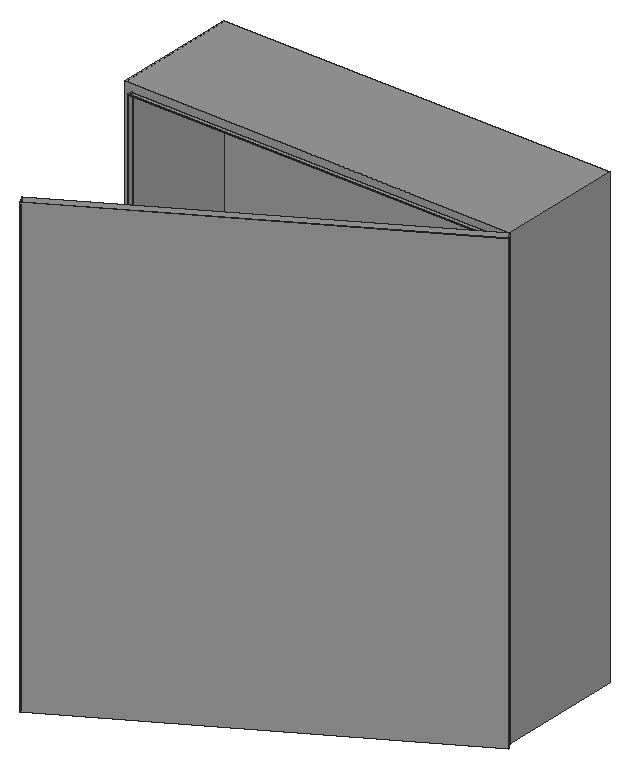
Revit family "Hager-Univers-IP55-D275-H950-Cl.II-Steel_encl-NoHosted-CH-it", category Electrical Equipment, Revit 2020
Family settings
  Panel Configuration = Two Columns, Circuits Across
  Round Connector Dimension = Use Diameter
  Part Type = Panelboard
  Work Plane-Based = Yes
  Always vertical = Yes
  Cut with Voids When Loaded = No
  Shared = No
  Room Calculation Point = No
Parameters (values of type "A parete IP55 L800 A950 P275  - FR63S")
  Width Control [instance] = if([EF000008 - Larghezza] > Min Width, [EF000008 - Larghezza], Min Width)  # 800 mm
  Type Comments = [HG000003 - Gamma]  # "Univers"
  Thickness Door [instance] = if([EF009171 - spessore materiale porta/coperchio] > 3 mm, 3 mm, [EF009171 - spessore materiale porta/coperchio])  # 1.5 mm
  Seal Frame Offset [instance] = 17 mm  # constant formula
  Plinth Visibility [instance] = [HG000027 - Altezza dello zoccolo] > 0 mm  # no
  Min Width [instance] = 100 mm  # constant formula
  Min Depth [instance] = (2 * [EF009170 - spessore materiale scatola]) + 1 mm  # 4 mm
  Min Height [instance] = 100 mm  # constant formula
  Internal Frame Depth [instance] = (Door System Depth * 0.5)  # 9 mm
  Panel Name [instance] = ""  # (empty or 0)
  Model = ""
  HG000027 - Altezza dello zoccolo = 0 mm
  HG000026 - A pavimento = no
  HG000024 - Altezza della sezione inferiore = 600 mm
  HG000023 - Custodia a doppia sezione = no
  HG000016 - Visibilità delle porte nella vista 3D [instance] = yes
  HG000015 - Visibilità attraverso la porta [instance] = no
  HG000014 - Porta destra [instance] = yes
  HG000013 - Porta sinistra [instance] = not([HG000014 - Porta destra])  # no
  HG000012 - Angolo di apertura della porta [instance] = 30.00°
  HG000010 - Porte asimmetriche = no
  HG000009 - Porta doppia a battente = no
  HG000006 - Ad incasso = no
  HG000004 - Codice produttore = "FR63S"
  HG000003 - Gamma = "Univers"
  HG000002 - Con porta = yes
  Frame Offset Bottom [instance] = 10 mm  # constant formula
  Frame Offset [instance] = 15 mm  # constant formula
  EF015940 - Coprire con rilascio di sovrapressione = no
  EF011959 - tipo di protezione (NEMA) = ""
  EF009554 - numero delle aperture per la piastra della flangia = 6
  EF009212 - esecuzione coperchio = "EV000116 - chiuso"
  EF009171 - spessore materiale porta/coperchio = 1.5 mm
  EF009170 - spessore materiale scatola = 1.5 mm
  EF008873 - corrente nominale (In) = 800 A
  EF007800 - adatto per parafulmine = no
  EF006306 - con serratura = no
  EF006244 - coperchio/porta trasparente = no
  EF005474 - grado di protezione (IP) = "EV006420 - IP55"
  EF004464 - tipo di porta = "EV002646 - singolo"
  EF004427 - numero di moduli = 216
  EF004293 - resistenza agli urti = "EV008784 - IK10"
  EF003532 - adatto per uso esterno = no
  EF002950 - Numero moduli DIN = 24
  EF001613 - Integrità del circuito = "EV000494 - senza"
  EF001596 - Attacco Lampada = "EV000179 - acciaio"
  EF001131 - profondità interna = 275 mm
  EF001088 - possibilità di applicazione = yes
  EF000437 - numero di ingressi per conduttori = 6
  EF000339 - tipo di copertura = "EV004216 - porta"
  EF000266 - numero di file = 6
  EF000218 - profondità di incasso = 0 mm
  EF000118 - con piastra di montaggio = no
  EF000116 - numero RAL = "7035"
  EF000049 - profondità = 275 mm
  EF000040 - Altezza = 950 mm
  EF000008 - Larghezza = 800 mm
  EF000007 - colore = "EV000270 - grigio"
  EF000003 - Tipo di montaggio = "EV000384 - A parete"
  Door System Leaf Tolerance [instance] = 1.5 mm  # constant formula
  Door System Depth [instance] = 18 mm  # constant formula
  Door Height [instance] = Height Control - [HG000027 - Altezza dello zoccolo]  # 950 mm
  Description = ""
  Default Elevation = 1219.2 mm
  Connector Offset [instance] = Height Control / 2  # 475 mm
  Manufacturer = "Hager"  # constant formula
  Height Control [instance] = if([EF000040 - Altezza] > Min Height, [EF000040 - Altezza], Min Height)  # 950 mm
  Depth Control [instance] = if([EF000049 - profondità] > Min Depth, [EF000049 - profondità], Min Depth)  # 275 mm
  Bottom Top Plate Trim [instance] = 1.5 mm  # constant formula
  Plinth height Ctrl [instance] = if([HG000027 - Altezza dello zoccolo] > 0 mm, [HG000027 - Altezza dello zoccolo], 12 mm)  # 12 mm
Types (5, lengths in mm): name | Width Control | HG000010 - Porte asimmetriche | HG000009 - Porta doppia a battente | HG000004 - Codice produttore | EF009554 - numero delle aperture per la piastra della flangia | EF004464 - tipo di porta | EF004427 - numero di moduli | EF000437 - numero di ingressi per conduttori | EF000008 - Larghezza
  A parete IP55 L1050 A950 P275  - FR64S | 1050 | no | yes | "FR64S" | 8 | "EV003602 - doppio" | 288 | 8 | 1050
  A parete IP55 L1300 A950 P275  - FR65S | 1300 | yes | yes | "FR65S" | 10 | "EV003602 - doppio" | 360 | 10 | 1300
  A parete IP55 L300 A950 P275  - FR61S | 300 | no | no | "FR61S" | 2 | "EV002646 - singolo" | 72 | 2 | 300
  A parete IP55 L550 A950 P275  - FR62S | 550 | no | no | "FR62S" | 4 | "EV002646 - singolo" | 144 | 4 | 550
  A parete IP55 L800 A950 P275  - FR63S | 800 | no | no | "FR63S" | 6 | "EV002646 - singolo" | 216 | 6 | 800
Reference planes
  plane 1 "Center (Front/Back)": y = 0
  plane 2: z = 0
  plane 3 "Center (Left/Right)": x = 0
  plane 4: y = 0
  plane 5: y = 0
  plane 6: z = 0
  plane 7: x = -400
  plane 8: x = 400
  plane 9: x = 398.5
  plane 10: x = -398.5
  plane 11: z = 0
  plane 12: z = 1.5
  plane 13: y = -275
  plane 14: y = -1.5
  plane 15: x = 0
  plane 16: y = -257
  plane 17: y = -273.5
  plane 18: y = -255.5
  plane 19: x = -383.5
  plane 20: x = 383.5
  plane 21: z = 11.5
  plane 22: x = -383
  plane 23: x = 383
  plane 24: z = 0
  plane 25: z = 950
  plane 26: z = 950
  plane 27: z = 933.5
  plane 28: z = 948.5
Forms (mm)
  Extrusion 1, solid, material "Hager_Steel_RAL7035_Light_Grey", detail levels medium+fine
    sketch origin (-208.679, -4572, 0) x (-1, 0, 0) y (0, -1, 0)
      loop
        line (191.321, -4315) -> (-608.679, -4315) -> (-608.679, -4572) -> (191.321, -4572) -> (191.321, -4315)
    from 0 to 950
  Extrusion 2, void
    sketch origin (-350.771, -275, 1219.2) x (1, 0, 0) y (0, 0, 1)
      loop
        line (-47.729, -270.7) -> (-47.729, -1217.7) -> (749.271, -1217.7) -> (749.271, -270.7) -> (-47.729, -270.7)
    from -19.5 to -273.5
  Extrusion 3, void
    sketch origin (-290.084, -257, 1219.2) x (1, 0, 0) y (0, 0, 1)
      loop
        line (-93.416, -1207.7) -> (673.584, -1207.7) -> (673.584, -285.7) -> (-93.416, -285.7) -> (-93.416, -1207.7)
    from 0 to -1.5
  Extrusion 4, solid, material "Hager_Steel_RAL7035_Light_Grey", visible <- "Plinth Visibility", detail levels medium+fine
    sketch origin (0, 0, 0) x (1, 0, 0) y (0, 1, 0)
      loop
        line (-400, 0) -> (-400, -257) -> (400, -257) -> (400, 0) -> (-400, 0)
    from 0 to 12 <- "Plinth height Ctrl"
  Extrusion 5, solid, material "Hager_Steel_RAL7035_Light_Grey", detail levels coarse
    sketch origin (0, 0, 0) x (1, 0, 0) y (0, 1, 0)
      loop
        line (-400, 0) -> (-400, -275) -> (400, -275) -> (400, 0) -> (-400, 0)
    from 0 to 950 <- "Height Control"
  Sweep 6, void
    path in 3D
      loop
        line (-400, -257, 12) -> (400, -257, 12) -> (400, 0, 12) -> (-400, 0, 12) -> (-400, -257, 12)
    profile origin (-400, -128.5, 12) x (1, 0, 0) y (0, 0, 1)
      loop
        line (0, 0) -> (0, -1.5) -> (1.5, -1.5)
        arc (1.5, -1.5) -> (1.061, -0.439) -> (0, 0) r 1.5
  Extrusion 7, solid, material "Hager_Steel_RAL7035_Light_Grey", detail levels fine
    sketch origin (-400, -257, 0) x (1, 0, 0) y (0, 0, 1)
      loop
        line (16.5, 11.5) -> (783.5, 11.5) -> (783.5, 933.5) -> (16.5, 933.5) -> (16.5, 11.5)
      loop
        line (15, 10) -> (785, 10) -> (785, 935) -> (15, 935) -> (15, 10)
    from 0 to 9 <- "Internal Frame Depth"
Cuts and joins
  Extrusion 2, Extrusion 3 cuts Extrusion 1
  Sweep 6 cuts Extrusion 4
Lines and regions (mm)
  Masking region 1
    outline origin (0, 0, 0) x (1, 0, 0) y (0, 1, 0)
      loop
        line (-400, 0) -> (-400, -275) -> (400, -275) -> (400, 0) -> (-400, 0)
  Masking region 2, detail levels coarse
    outline origin (-290.084, -257, 1219.2) x (-1, 0, 0) y (0, 0, 1)
      loop
        line (-690.084, -1219.2) -> (109.916, -1219.2) -> (109.916, -269.2) -> (-690.084, -269.2) -> (-690.084, -1219.2)
  Masking region 3, detail levels coarse
    outline origin (0, 0, 0) x (0, 1, 0) y (0, 0, 1)
      loop
        line (0, 0) -> (0, 950) -> (-275, 950) -> (-275, 0) -> (0, 0)
  Masking region 4, visible <- "Plinth Visibility", detail levels medium+fine
    outline origin (0, 0, 0) x (0, 1, 0) y (0, 0, 1)
      loop
        line (-1.5, 12) -> (-255.5, 12)
        arc (-255.5, 12) -> (-255.939, 10.939) -> (-257, 10.5) r 1.5
        line (-257, 10.5) -> (-257, 0) -> (0, 0) -> (0, 10.5)
        arc (0, 10.5) -> (-1.061, 10.939) -> (-1.5, 12) r 1.5
  Masking region 5, detail levels medium+fine
    outline origin (0, 0, 594.038) x (0, 1, 0) y (0, 0, 1)
      loop
        line (0, -594.038) -> (0, 355.962) -> (-257, 355.962) -> (-257, -594.038) -> (0, -594.038)
  Masking region 6, detail levels medium+fine
    outline origin (-359.7, -257, 1211.883) x (-1, 0, 0) y (0, 0, 1)
      loop
        line (-759.7, -1211.883) -> (40.3, -1211.883) -> (40.3, -261.883) -> (-759.7, -261.883) -> (-759.7, -1211.883)
  Masking region 7, visible <- "Plinth Visibility", detail levels medium+fine
    outline origin (-320.334, -257, 1041.368) x (-1, 0, 0) y (0, 0, 1)
      loop
        line (-720.334, -1041.368) -> (79.666, -1041.368) -> (79.666, -1030.868)
        arc (79.666, -1030.868) -> (78.606, -1030.429) -> (78.166, -1029.368) r 1.5
        line (78.166, -1029.368) -> (-718.834, -1029.368)
        arc (-718.834, -1029.368) -> (-719.273, -1030.429) -> (-720.334, -1030.868) r 1.5
        line (-720.334, -1030.868) -> (-720.334, -1041.368)
  sketch lines
    curve 1: line (-400, 0, 12) -> (-400, -257, 12)
    curve 2: line (-400, -257, 12) -> (400, -257, 12)
    curve 3: line (400, 0, 12) -> (-400, 0, 12)
    curve 4: line (400, -257, 12) -> (400, 0, 12)
Dimensions and locks
  locked: plane 1 "Center (Front/Back)" to plane 5
  "EF009170 - spessore materiale scatola": plane 7 to plane 10
  "EF009170 - spessore materiale scatola": plane 8 to plane 9
  equal spacing: plane 7, plane 3 "Center (Left/Right)", plane 8
  "Width Control": plane 7 to plane 8
  "Depth Control": plane 4 to plane 13
  "EF009170 - spessore materiale scatola": plane 4 to plane 14
  "Height Control": plane 25 to level
  "HG000027 - Altezza dello zoccolo": plane 11 to level
  "EF009170 - spessore materiale scatola": plane 12 to plane 11
  "EF009170 - spessore materiale scatola": plane 17 to plane 13
  "EF009170 - spessore materiale scatola": plane 18 to plane 16
  "Frame Offset Bottom": plane 21 to plane 12
  "Frame Offset": plane 10 to plane 19
  "Frame Offset": plane 9 to plane 20
  "Door System Depth": plane 16 to plane 13
  "Seal Frame Offset": plane 7 to plane 22
  "Seal Frame Offset": plane 8 to plane 23
  "EF009170 - spessore materiale scatola": plane 26 to plane 28
  "Frame Offset": plane 28 to plane 27
  "Connector Offset": plane 2 to connector elem
  "Bottom Top Plate Trim": profile plane to Sweep 6 sketch curve
  "Bottom Top Plate Trim": Sweep 6 sketch curve to Sweep 6 sketch curve
  "Plinth height Ctrl": Masking region 4 sketch curve to level
  "Plinth height Ctrl": Masking region 7 sketch curve to level
  "Thickness Door": Extrusion 7 sketch curve to Extrusion 7 sketch curve  (x4)
  "Bottom Top Plate Trim": radius of Sweep 6 sketch curve
  "Bottom Top Plate Trim": radius of Masking region 4 sketch curve  (x2)
  "Bottom Top Plate Trim": radius of Masking region 7 sketch curve  (x2)
  aligned and locked: Extrusion 2 sketch curve to plane 12
  aligned and locked: Extrusion 2 sketch curve to plane 9
  aligned and locked: Extrusion 2 sketch curve to plane 10
  aligned and locked: Extrusion 2 to plane 14
  aligned and locked: Extrusion 1 sketch curve to plane 4
  aligned and locked: plane 8 to Extrusion 1 sketch curve
  aligned and locked: plane 7 to Extrusion 1 sketch curve
  aligned and locked: Extrusion 2 to plane 18
  aligned and locked: Extrusion 3 sketch curve to plane 19
  aligned and locked: plane 20 to Extrusion 3 sketch curve
  aligned and locked: Extrusion 3 to Extrusion 2
  aligned and locked: Extrusion 3 sketch curve to plane 21
  aligned and locked: plane 3 "Center (Left/Right)" to nested 1
  aligned and locked: Extrusion 1 sketch curve to plane 16
  aligned and locked: Extrusion 4 sketch curve to cut or joined group of Extrusion 1, Extrusion 2, Extrusion 3
  aligned and locked: Masking region 1 sketch curve to plane 7
  aligned and locked: Masking region 1 sketch curve to plane 5
  aligned and locked: Masking region 1 sketch curve to plane 8
  aligned and locked: Masking region 2 sketch curve to level
  aligned and locked: level to Masking region 3 sketch curve
  aligned and locked: plane 1 "Center (Front/Back)" to Masking region 3 sketch curve
  aligned and locked: plane 13 to Masking region 3 sketch curve
  aligned and locked: plane 5 to Masking region 4 sketch curve
  aligned and locked: Masking region 2 sketch curve to plane 8
  aligned and locked: Masking region 2 sketch curve to plane 7
  aligned and locked: plane 7 to nested 2
  aligned and locked: nested 2 to plane 5
  aligned and locked: plane 5 to Masking region 5 sketch curve
  aligned and locked: plane 26 to Masking region 5 sketch curve
  aligned and locked: Extrusion 5 sketch curve to plane 8
  aligned and locked: Extrusion 5 sketch curve to plane 7
  aligned and locked: Extrusion 5 sketch curve to plane 5
  aligned and locked: Extrusion 3 sketch curve to plane 27
  aligned and locked: Extrusion 2 sketch curve to plane 28
  aligned and locked: Masking region 2 to plane 25
  aligned and locked: Extrusion 4 to plane 16
  aligned and locked: profile plane to Sweep 6 sketch curve
  aligned and locked: Masking region 5 sketch curve to plane 24
  aligned and locked: level to Masking region 4 sketch curve
  aligned and locked: Masking region 1 to plane 13
  aligned and locked: nested 1 to plane 16
  aligned and locked: Masking region 3 to plane 25
  aligned and locked: plane 16 to Masking region 4 sketch curve
  aligned and locked: Masking region 5 sketch curve to plane 16
  aligned and locked: plane 24 to plane 11
  aligned and locked: plane 26 to plane 25
  aligned and locked: plane 26 to cut or joined group of Extrusion 1, Extrusion 2, Extrusion 3
  aligned and locked: nested 1 to plane 24
  aligned and locked: Extrusion 1 to Extrusion 3
  aligned and locked: Masking region 6 sketch curve to plane 8
  aligned and locked: Masking region 6 sketch curve to plane 24
  aligned and locked: Masking region 6 sketch curve to plane 7
  aligned and locked: Masking region 6 sketch curve to plane 26
  aligned and locked: Masking region 7 sketch curve to plane 7
  aligned and locked: level to Masking region 7 sketch curve
  aligned and locked: Masking region 7 sketch curve to plane 8
  aligned and locked: Extrusion 7 sketch curve to cut or joined group of Extrusion 1, Extrusion 2, Extrusion 3  (x4)
Automatic sketch dimensions
  plane 19 to Extrusion 3 sketch curve = 0 mm
  Extrusion 3 sketch curve to plane 20 = 0 mm
  Extrusion 3 sketch curve to plane 21 = 0 mm
  Extrusion 4 sketch curve to plane 7 = 0 mm
  Extrusion 4 sketch curve to plane 8 = 0 mm
  Extrusion 4 sketch curve to plane 16 = 0 mm
  Masking region 1 sketch curve to plane 13 = 0 mm
  Masking region 2 sketch curve to plane 25 = 0 mm
  Masking region 3 sketch curve to plane 25 = 0 mm
  Extrusion 5 sketch curve to plane 13 = 0 mm
  profile plane to Sweep 6 sketch curve = 0 mm
Nested families
  nested 1: "EC000058_Univers_Door" at (0, -257, 0), Double <- "HG000009 - Porta doppia a battente", Transparent <- "EF006244 - coperchio/porta trasparente", Angle <- "HG000012 - Angolo di apertura della porta", Door_Right <- "HG000014 - Porta destra", Assymetrical <- "HG000010 - Porte asimmetriche", Door <- "HG000002 - Con porta", Width_Ctrl <- "Width Control", 3d_Door <- "HG000016 - Visibilità delle porte nella vista 3D", Clearance <- "HG000015 - Visibilità attraverso la porta", Door_Left <- "HG000013 - Porta sinistra", Width <- "Width Control", Door_Depth <- "Door System Depth", Leaf_Tolerance <- "Door System Leaf Tolerance", Height <- "Door Height", Lock_Visibility <- "EF006306 - con serratura", Thickness <- "Thickness Door", type "EC000058_Univers_Door", detail levels medium+fine
    with min_wh 4 mm, Width_Ctrl 800 mm, Width 800 mm, Transparent no, Thickness 1.5 mm, Seal_Material Hager_Rubber, Lock_Visibility no, Lock_Material Hager_Plastic_RAL9005_Jet_Black, Leaf_Width 800 mm, Leaf_Tolerance_External_Sides 0 mm, Leaf_Tolerance 1.5 mm, Leaf_Offset 0 mm, Leaf_Height 947 mm, Leaf_2_Width 800 mm, Leaf_2_Offset 400 mm, Leaf_1_Width 800 mm, Leaf_1_Offset 400 mm, Height_Ctrl 950 mm, Height 950 mm, Glass_Material Hager_Glass, Double_Clearance_Ctrl no, Double no, Door_Right_Ctrl yes, Door_Right yes, Door_Material Hager_Steel_RAL7035_Light_Grey, Door_Left_Ctrl no, Door_Left no, Door_Depth 18 mm, Door yes, Clearance_Material Hager_Clearance, Clearance_Depth 800 mm, Clearance_Ctrl no, Clearance no, Assymetrical no, Angle 30.00°, 3d_Door yes
  nested 2: "Hager_Enclosure_Symbol" at (-400, 0, 0), Height <- "Depth Control", Width <- "Width Control", type "Hager_Enclosure_Symbol"
    with Width_Ctrl 800 mm, Width 800 mm, Height_Ctrl 275 mm, Height 275 mm, A_Width_Int 18.047 mm, A_Width 216.562 mm, A_Height_Ctrl 240.625 mm, A_Height 240.625 mm
Connectors
  electrical at (0, 0, 475)
    settings: on plane 1 "Center (Front/Back)", index 1, voltage 0 V, apparent load 0 VA, apparent load phase1 0 VA, apparent load phase2 0 VA, apparent load phase3 0 VA, power factor 1, load classification "Other", number of poles 1, system type 30, power factor state 1, is connector primary yes, connector utility no, sub classification motor no, connector description ""
Definition of nested family "EC000058_Univers_Door"
  Parameters (values of type "EC000058_Univers_Door")
    min_wh [instance] = (2 * Thickness) + 1 mm  # 11 mm
    Width_Ctrl [instance] = 400 mm
    Width [instance] = 500 mm
    Transparent [instance] = yes
    Thickness [instance] = 5 mm
    Seal_Material [instance] = none
    Lock_Visibility [instance] = yes
    Lock_Material [instance] = none
    Leaf_Width [instance] = if((Width_Ctrl - 2 * Leaf_Tolerance_External_Sides) > 0 mm, (Width_Ctrl - 2 * Leaf_Tolerance_External_Sides), min_wh)  # 400 mm
    Leaf_Tolerance_External_Sides [instance] = 0 mm  # constant formula
    Leaf_Tolerance [instance] = 1.5 mm
    Leaf_Offset [instance] = 0 mm  # constant formula
    Leaf_Height [instance] = if((Height_Ctrl - 2 * Leaf_Tolerance) > 0 mm, (Height_Ctrl - 2 * Leaf_Tolerance), min_wh)  # 497 mm
    Leaf_2_Width [instance] = if(and(and(Double, Assymetrical), Door_Left), (Leaf_Width / 3) - (Leaf_Tolerance / 2), if(and(and(Double, Assymetrical), Door_Right), (Leaf_Width / 3) * 2 - (Leaf_Tolerance / 2), if(and(Double, not(Assymetrical)), (Leaf_Width / 2) - Leaf_Tolerance, Leaf_Width)))  # 400 mm
    Leaf_2_Offset [instance] = if(and(Double, Assymetrical), Leaf_2_Width / 2, if(and(Double, not(Assymetrical)), Leaf_Width / 4, Leaf_Width / 2))  # 200 mm
    Leaf_1_Width [instance] = if(and(and(Double, Assymetrical), Door_Right), (Leaf_Width / 3) - (Leaf_Tolerance / 2), if(and(and(Double, Assymetrical), Door_Left), (Width / 3) * 2 - (Leaf_Tolerance / 2), if(and(Double, not(Assymetrical)), (Leaf_Width / 2) - Leaf_Tolerance, Leaf_Width)))  # 400 mm
    Leaf_1_Offset [instance] = if(and(Double, Assymetrical), Leaf_1_Width / 2, if(and(Double, not(Assymetrical)), Leaf_Width / 4, Leaf_Width / 2))  # 200 mm
    Height_Ctrl [instance] = if(Height > min_wh, Height, min_wh)  # 500 mm
    Height [instance] = 500 mm
    Glass_Material [instance] = none
    Double_Clearance_Ctrl [instance] = and(Double, Clearance)  # no
    Double [instance] = no
    Door_Right_Ctrl [instance] = and(or(Door_Right, Double), Door)  # yes
    Door_Right [instance] = yes
    Door_Material [instance] = none
    Door_Left_Ctrl [instance] = and(or(Door_Left, Double), Door)  # no
    Door_Left [instance] = no
    Door_Depth [instance] = 30 mm
    Door [instance] = yes
    Default Elevation = 1219.2 mm
    Clearance_Material [instance] = none
    Clearance_Depth [instance] = if(Leaf_1_Width > Leaf_2_Width, Leaf_1_Width, Leaf_2_Width)  # 400 mm
    Clearance_Ctrl [instance] = and(not(Double), Clearance)  # yes
    Clearance [instance] = yes
    Assymetrical [instance] = yes
    Angle [instance] = 30.00°
    3d_Door [instance] = yes
  Reference planes
    plane 1 "Center (Front/Back)": y = 0
    plane 2 "Bottom": z = 0
    plane 3 "Center (Left/Right)": x = 0
    plane 4: z = 500
    plane 5: x = -200
    plane 6: x = 200
    plane 7: z = 500
    plane 8: x = -200
    plane 9: z = 0
    plane 10: x = 200
    plane 11: y = 0
    plane 12: z = 1.5
    plane 13: x = -600
    plane 14: y = -400
    plane 15: x = 600
    plane 16: x = 0
    plane 17: x = 0
    plane 18: x = -200
    plane 19: x = 200
    plane 20: z = 498.5
  Forms (mm)
    Extrusion 1, solid, material <- "Clearance_Material", visible <- "Double_Clearance_Ctrl"
      sketch origin (1200, 0, 0) x (1, 0, 0) y (0, 0, -1)
        loop
          line (-1800, -498.5) -> (-600, -498.5) -> (-600, 0) -> (-1800, 0) -> (-1800, -498.5)
      from 0 to -400
  Dimensions and locks
    equal spacing: plane 5, plane 3 "Center (Left/Right)", plane 6
    "Width_Ctrl": plane 5 to plane 6
    "Leaf_Offset": plane 5 to plane 8
    "Leaf_Offset": plane 6 to plane 10
    "Leaf_Offset": plane 9 to level
    "Leaf_Offset": plane 4 to plane 7
    "Height_Ctrl": plane 4 to level
    "Leaf_Tolerance": plane 12 to plane 9
    locked: plane 11 to plane 1 "Center (Front/Back)"
    "Leaf_1_Offset": plane 18 to plane 16
    "Leaf_2_Offset": plane 17 to plane 19
    "Leaf_1_Width": plane 13 to plane 8
    "Leaf_2_Width": plane 10 to plane 15
    "Clearance_Depth": plane 14 to plane 1 "Center (Front/Back)"
    "Leaf_Tolerance_External_Sides": plane 8 to plane 18
    "Leaf_Tolerance_External_Sides": plane 19 to plane 10
    "Leaf_Tolerance": plane 7 to plane 20
    aligned and locked: level to plane 2 "Bottom"
    aligned and locked: nested 1 to plane 16
    aligned and locked: nested 2 to plane 17
    aligned and locked: Extrusion 1 to plane 13
    aligned and locked: plane 15 to Extrusion 1
    aligned and locked: Extrusion 1 to plane 14
    aligned and locked: plane 12 to nested 1
    aligned and locked: nested 2 to plane 12
    aligned and locked: Extrusion 1 to plane 11
    aligned and locked: plane 20 to Extrusion 1
    aligned and locked: nested 2 to plane 11
    aligned and locked: nested 1 to plane 11
  Automatic sketch dimensions
    Extrusion 1 sketch curve to level = 0 mm
    plane 5 to Extrusion 1 sketch curve = 400 mm
    plane 6 to Extrusion 1 sketch curve = 400 mm
    Extrusion 1 sketch curve to plane 4 = 1.5 mm
  Nested families
    nested 1: "EC000058_Univers_Door_Leaf" at (0, 0, 1.5), Width <- "Leaf_1_Width", visible <- "Door_Left_Ctrl", Leaf_Height <- "Leaf_Height", Angle <- "Angle", 3d_Door <- "3d_Door", Transparent <- "Transparent", Clearance Material <- "Clearance_Material", Clearance <- "Clearance_Ctrl", Door_Material <- "Door_Material", Glass_Material <- "Glass_Material", Door_Depth <- "Door_Depth", Lock_Material <- "Lock_Material", Seal_Material <- "Seal_Material", Lock_Visibility <- "Lock_Visibility", Thickness <- "Thickness", type "EC000058_Univers_Door_Leaf"
      with Width 400 mm, Transparent_Glass_Offset 30 mm, Transparent_Ctrl yes, Transparent yes, Thickness 5 mm, Standard no, Seal_Material none, Seal_D2 8 mm, Seal_D1 1 mm, Offset_Internal_Frame 10 mm, Lock_Width 20 mm, Lock_Visibility_3d yes, Lock_Visibility yes, Lock_Thickness_3 3 mm, Lock_Thickness_2 1 mm, Lock_Thickness_1 3 mm, Lock_Radius_Offset_2 16 mm, Lock_Radius_Offset_1 15 mm, Lock_Radius_2 5 mm, Lock_Radius 6 mm, Lock_Offset 5 mm, Lock_Material none, Lock_Height 80 mm, Lock_Cover_Top_Offset_2d 17 mm, Lock_Cover_Height -65 mm, Leaf_Height 497 mm, Internal_Seal_Thickness 8 mm, Internal_Seal_Depth_2 4.5 mm, Internal_Frame_Depth 25 mm, Glass_Thickness -1 mm, Glass_Offset -2 mm, Glass_Material none, Door_Material none, Door_Depth 30 mm, Clearance Material none, Clearance yes, Angle_Ctrl 30.00°, Angle 30.00°, 3d_Door yes
    nested 2: "EC000058_Univers_Door_Leaf" at (0, 0, 1.5) x (-1, 0, 0) z (0, 0, 1), Width <- "Leaf_2_Width", visible <- "Door_Right_Ctrl", Leaf_Height <- "Leaf_Height", Angle <- "Angle", 3d_Door <- "3d_Door", Transparent <- "Transparent", Clearance Material <- "Clearance_Material", Clearance <- "Clearance_Ctrl", Door_Material <- "Door_Material", Glass_Material <- "Glass_Material", Door_Depth <- "Door_Depth", Lock_Material <- "Lock_Material", Seal_Material <- "Seal_Material", Lock_Visibility <- "Lock_Visibility", Thickness <- "Thickness", type "EC000058_Univers_Door_Leaf"
      with Width 400 mm, Transparent_Glass_Offset 30 mm, Transparent_Ctrl yes, Transparent yes, Thickness 5 mm, Standard no, Seal_Material none, Seal_D2 8 mm, Seal_D1 1 mm, Offset_Internal_Frame 10 mm, Lock_Width 20 mm, Lock_Visibility_3d yes, Lock_Visibility yes, Lock_Thickness_3 3 mm, Lock_Thickness_2 1 mm, Lock_Thickness_1 3 mm, Lock_Radius_Offset_2 16 mm, Lock_Radius_Offset_1 15 mm, Lock_Radius_2 5 mm, Lock_Radius 6 mm, Lock_Offset 5 mm, Lock_Material none, Lock_Height 80 mm, Lock_Cover_Top_Offset_2d 17 mm, Lock_Cover_Height -65 mm, Leaf_Height 497 mm, Internal_Seal_Thickness 8 mm, Internal_Seal_Depth_2 4.5 mm, Internal_Frame_Depth 25 mm, Glass_Thickness -1 mm, Glass_Offset -2 mm, Glass_Material none, Door_Material none, Door_Depth 30 mm, Clearance Material none, Clearance yes, Angle_Ctrl 30.00°, Angle 30.00°, 3d_Door yes
  Definition of nested family "EC000058_Univers_Door_Leaf"
    Parameters (values of type "EC000058_Univers_Door_Leaf")
      Width [instance] = 2000 mm
      Transparent_Glass_Offset [instance] = 30 mm
      Transparent_Ctrl [instance] = and(Transparent, [3d_Door])  # yes
      Transparent [instance] = yes
      Thickness [instance] = 5 mm
      Standard [instance] = and(not(Transparent), [3d_Door])  # no
      Seal_Material [instance] = none
      Seal_D2 [instance] = 8 mm  # constant formula
      Seal_D1 [instance] = 1 mm  # constant formula
      Offset_Internal_Frame [instance] = 10 mm  # constant formula
      Lock_Width [instance] = 20 mm  # constant formula
      Lock_Visibility_3d [instance] = and(Lock_Visibility, [3d_Door])  # yes
      Lock_Visibility [instance] = yes
      Lock_Thickness_3 [instance] = 3 mm  # constant formula
      Lock_Thickness_2 [instance] = 1 mm  # constant formula
      Lock_Thickness_1 [instance] = 3 mm  # constant formula
      Lock_Radius_Offset_2 [instance] = Lock_Radius_Offset_1 + 1 mm  # 16 mm
      Lock_Radius_Offset_1 [instance] = 15 mm  # constant formula
      Lock_Radius_2 [instance] = Lock_Radius - 1 mm  # 5 mm
      Lock_Radius [instance] = 6 mm  # constant formula
      Lock_Offset [instance] = 5 mm  # constant formula
      Lock_Material [instance] = none
      Lock_Height [instance] = 80 mm  # constant formula
      Lock_Cover_Top_Offset_2d [instance] = Lock_Radius_Offset_2 + 1 mm  # 17 mm
      Lock_Cover_Height [instance] = -(Lock_Height - Lock_Radius_Offset_1)  # -65 mm
      Leaf_Height [instance] = 2720.336 mm
      Internal_Seal_Thickness [instance] = 8 mm  # constant formula
      Internal_Seal_Depth_2 [instance] = 4.5 mm  # constant formula
      Internal_Frame_Depth [instance] = if(Door_Depth - Thickness > 5 mm, Door_Depth - Thickness, 5 mm)  # 25 mm
      Glass_Thickness [instance] = if(Thickness > 15 mm, Glass_Offset + 10 mm, -1 mm)  # -1 mm
      Glass_Offset [instance] = if(Thickness > 15 mm, -(Thickness + 10 mm) / 2, -2 mm)  # -2 mm
      Glass_Material [instance] = none
      Door_Material [instance] = none
      Door_Depth [instance] = 30 mm
      Default Elevation = 0 mm
      Clearance Material [instance] = none
      Clearance [instance] = yes
      Angle_Ctrl [instance] = if(Angle > 180.00°, 180.00°, Angle)  # 90.00°
      Angle [instance] = 90.00°
      3d_Door [instance] = yes
    Reference planes
      plane 1 "Center (Front/Back)": y = 0
      plane 2: z = 0
      plane 3 "Center (Left/Right)": x = 0
      plane 4: y = 2000
      plane 5: x = -1000
      plane 6: x = 1000
      plane 7: x = -3000
      plane 8: z = 2720.336
      plane 9: z = 30
      plane 10: z = 2690.336
      plane 11: x = 970
      plane 12: x = -970
      plane 13: y = -3
      plane 14: z = 107.833
      plane 15: y = -5
      plane 16: y = -223.314
      plane 17: x = -1000
      plane 18: z = 1360.168
      plane 19: y = 30
    Forms (mm)
      Extrusion 1, solid, material <- "Clearance Material", visible <- "Clearance"
        sketch origin (0, 0, 0) x (1, 0, 0) y (0, 0, 1)
          loop
            line (-3000, 2720.336) -> (-3000, 0) -> (1000, 0) -> (1000, 2720.336) -> (-3000, 2720.336)
        from 0 to -2000
      Extrusion 2, solid, material <- "Door_Material", visible <- "Standard", detail levels medium+fine
        sketch origin (-1000, 0, 0) x (0, 1, 0) y (-1, 0, 0)
          loop
            line (0, 30) -> (0, 25) -> (2000, 25) -> (2000, 30) -> (0, 30)
        from 0 to 2720.336 <- "Leaf_Height"
      Extrusion 3, solid, material <- "Door_Material", visible <- "Transparent_Ctrl", detail levels medium+fine
        sketch origin (-1000, 0, 0) x (0, 1, 0) y (-1, 0, 0)
          loop
            line (0, 25) -> (2000, 25) -> (2000, 30) -> (0, 30) -> (0, 25)
        from 0 to 2720.336 <- "Leaf_Height"
      Extrusion 4, void
        sketch origin (-1025, 2000, 0) x (0, 1, 0) y (0, 0, -1)
          loop
            line (-30, -2690.336) -> (-30, -30) -> (-1970, -30) -> (-1970, -2690.336) -> (-30, -2690.336)
        from 0 to 5 <- "Thickness"
      Sweep 5, solid, material <- "Seal_Material", visible <- "Transparent_Ctrl", detail levels fine
        path in 3D
          loop
            line (-1025, 30, 30) -> (-1025, 30, 2690.336) -> (-1025, 1970, 2690.336) -> (-1025, 1970, 30) -> (-1025, 30, 30)
        profile origin (-1025, 1000, 30) x (1, 0, 0) y (0, 0, 1)
          loop
            line (0, 0) -> (0, -8) -> (1, -8) -> (1, 0) -> (0, 0)
      Extrusion 6, solid, material <- "Glass_Material", visible <- "Transparent_Ctrl", detail levels medium+fine
        sketch origin (-1030, 0, 0) x (0, 1, 0) y (0, 0, -1)
          loop
            line (1970, -2690.336) -> (1970, -30) -> (30, -30) -> (30, -2690.336) -> (1970, -2690.336)
        from -2 <- "Glass_Offset" to -1 <- "Glass_Thickness"
      Extrusion 7, solid, material <- "Door_Material", visible <- "3d_Door", detail levels medium+fine
        sketch origin (-1025, 2000, 0) x (0, -1, 0) y (0, 0, -1)
          loop
            line (0, -2720.336) -> (2000, -2720.336) -> (2000, 0) -> (0, 0) -> (0, -2720.336)
          loop
            line (1995, -5) -> (5, -5) -> (5, -2715.336) -> (1995, -2715.336) -> (1995, -5)
        from 0 to 25 <- "Internal_Frame_Depth"
      Sweep 8, solid, material <- "Seal_Material", visible <- "Transparent_Ctrl", detail levels fine
        path in 3D
          loop
            line (-1025, 0, 0) -> (-1025, 2000, 0) -> (-1025, 2000, 2720.336) -> (-1025, 0, 2720.336) -> (-1025, 0, 0)
        profile origin (-1025, 0, 1360.168) x (1, 0, 0) y (0, 1, 0)
          loop
            line (0, 10) -> (2.975, 10)
            arc (2.975, 10) -> (4.053, 10.447) -> (4.5, 11.525) r 1.525
            line (4.5, 11.525) -> (4.5, 16.527)
            arc (4.5, 16.527) -> (4.069, 17.569) -> (3.027, 18) r 1.473
            line (3.027, 18) -> (0, 18) -> (0, 10)
      Extrusion 9, solid, material <- "Lock_Material", visible <- "Lock_Visibility_3d", detail levels fine
        sketch origin (-1030, 0, 0) x (0, 1, 0) y (0, 0, -1)
          loop
            arc (1993.5, -1400.168) -> (1994.561, -1399.729) -> (1995, -1398.668) r 1.5
            line (1995, -1398.668) -> (1995, -1320.168) -> (1975, -1320.168) -> (1975, -1398.668)
            arc (1975, -1398.668) -> (1975.439, -1399.729) -> (1976.5, -1400.168) r 1.5
            line (1976.5, -1400.168) -> (1993.5, -1400.168)
        from 3 <- "Lock_Thickness_1" to 0
      Blend 10, solid, material <- "Lock_Material", visible <- "Lock_Visibility_3d", detail levels fine
        base sketch origin (-1033, 0, 0) x (0, 1, 0) y (0, 0, -1)
          loop
            line (1975, -1320.168) -> (1975, -1398.668)
            arc (1975, -1398.668) -> (1975.439, -1399.729) -> (1976.5, -1400.168) r 1.5
            line (1976.5, -1400.168) -> (1993.5, -1400.168)
            arc (1993.5, -1400.168) -> (1994.561, -1399.729) -> (1995, -1398.668) r 1.5
            line (1995, -1398.668) -> (1995, -1320.168) -> (1975, -1320.168)
        top sketch origin (-1033, 0, 0) x (0, 1, 0) y (0, 0, -1)
          loop
            line (1976, -1320.168) -> (1976, -1398.668)
            arc (1976, -1398.668) -> (1976.146, -1399.022) -> (1976.5, -1399.168) r 0.5
            line (1976.5, -1399.168) -> (1993.5, -1399.168)
            arc (1993.5, -1399.168) -> (1993.854, -1399.022) -> (1994, -1398.668) r 0.5
            line (1994, -1398.668) -> (1994, -1320.168) -> (1976, -1320.168)
        from 0 to 1 <- "Lock_Thickness_2"
      Blend 11, solid, material <- "Lock_Material", visible <- "Lock_Visibility_3d", detail levels fine
        base sketch origin (-1034, 0, 0) x (0, 1, 0) y (0, 0, -1)
          loop
            line (1978, -1320.168) -> (1978, -1384.168)
            arc (1978, -1384.168) -> (1985, -1391.168) -> (1992, -1384.168) r 7
            line (1992, -1384.168) -> (1992, -1320.168) -> (1978, -1320.168)
        top sketch origin (-1034, 0, 0) x (0, 1, 0) y (0, 0, -1)
          loop
            line (1991, -1320.168) -> (1979, -1320.168) -> (1979, -1383.168)
            arc (1979, -1383.168) -> (1985, -1389.168) -> (1991, -1383.168) r 6
            line (1991, -1383.168) -> (1991, -1320.168)
        from 0 to 3 <- "Lock_Thickness_3"
      Extrusion 12, solid, material <- "Lock_Material", visible <- "Lock_Visibility_3d", detail levels fine
        sketch origin (-1030, 1975, 1320.168) x (1, 0, 0) y (0, -1, 0)
          loop
            line (-7, -19) -> (-7, -1) -> (0, -1) -> (0, 0) -> (-8, 0) -> (-8, -20) -> (0, -20) -> (0, -19) -> (-7, -19)
        from 0 to -65 <- "Lock_Cover_Height"
      Extrusion 13, void
        sketch origin (-1038, 1995, 1320.168) x (-1, 0, 0) y (0, 0, -1)
          loop
            line (-5, -65) -> (0, -65) -> (-5, -60) -> (-5, -65)
        from 0 to 20 <- "Lock_Width"
      Extrusion 14, void
        sketch origin (-1038, 1975, 1320.168) x (0, -1, 0) y (0, 0, -1)
          loop
            circle (-10, -15.995) r 6
          loop
            circle (-10, -15.995) r 5
        from 0 to 2
      Extrusion 15, solid, material <- "Lock_Material", visible <- "Lock_Visibility_3d", detail levels medium
        sketch origin (-1030, 0, 0) x (0, 1, 0) y (0, 0, -1)
          loop
            arc (1993.5, -1400.168) -> (1994.561, -1399.729) -> (1995, -1398.668) r 1.5
            line (1995, -1398.668) -> (1995, -1320.168) -> (1975, -1320.168) -> (1975, -1398.668)
            arc (1975, -1398.668) -> (1975.439, -1399.729) -> (1976.5, -1400.168) r 1.5
            line (1976.5, -1400.168) -> (1993.5, -1400.168)
        from 8 to 0
    Cuts and joins
      Extrusion 4 cuts Extrusion 3
      Extrusion 13, Extrusion 14 cuts Extrusion 9
      Extrusion 14 cuts Blend 11
      Extrusion 13, Extrusion 14 cuts Extrusion 12
      joined: Extrusion 9, Blend 10, Blend 11, Extrusion 12
      Extrusion 14 cuts Extrusion 15
    Lines and regions (mm)
      Masking region 1, visible <- "Lock_Visibility", detail levels fine
        outline origin (0, 0, 0) x (0, 1, 0) y (0, 0, 1)
          loop
            line (30, 1320.168) -> (33, 1320.168) -> (33, 1400.168) -> (30, 1400.168) -> (30, 1320.168)
      Masking region 2, visible <- "Lock_Visibility", detail levels fine
        outline origin (0, 3.143, 0) x (0, 1, 0) y (0, 0, 1)
          loop
            line (29.857, 1354.168) -> (30.857, 1354.168) -> (30.857, 1366.168) -> (29.857, 1366.168) -> (29.857, 1354.168)
      Masking region 3, detail levels medium+fine
        outline origin (0, 0, 0) x (0, 1, 0) y (0, 0, 1)
          loop
            line (0, 0) -> (30, 0) -> (30, 2720.336) -> (0, 2720.336) -> (0, 0)
      Masking region 4, detail levels medium+fine
        outline origin (0, 0, 0) x (1, 0, 0) y (0, 0, 1)
          loop
            line (-1000, 2720.336) -> (-1000, 0) -> (1000, 0) -> (1000, 2720.336) -> (-1000, 2720.336)
      Masking region 5, visible <- "Lock_Visibility", detail levels fine
        outline origin (-47.116, 0, 0) x (1, 0, 0) y (0, 0, 1)
          loop
            arc (1024.616, 1399.168) -> (1023.556, 1398.729) -> (1023.116, 1397.668) r 1.5
            line (1023.116, 1397.668) -> (1023.116, 1320.168) -> (1041.116, 1320.168) -> (1041.116, 1397.668)
            arc (1041.116, 1397.668) -> (1040.677, 1398.729) -> (1039.616, 1399.168) r 1.5
            line (1039.616, 1399.168) -> (1024.616, 1399.168)
      Masking region 6, visible <- "Lock_Visibility", detail levels medium+fine
        outline origin (-25, 0, 0) x (1, 0, 0) y (0, 0, 1)
          loop
            arc (1001.5, 1400.168) -> (1000.439, 1399.729) -> (1000, 1398.668) r 1.5
            line (1000, 1398.668) -> (1000, 1320.168) -> (1020, 1320.168) -> (1020, 1398.668)
            arc (1020, 1398.668) -> (1019.561, 1399.729) -> (1018.5, 1400.168) r 1.5
            line (1018.5, 1400.168) -> (1001.5, 1400.168)
      Masking region 7, visible <- "Lock_Visibility", detail levels fine
        outline origin (-73.735, 0, 0) x (1, 0, 0) y (0, 0, 1)
          loop
            line (1051.735, 1382.168) -> (1065.735, 1382.168) -> (1065.735, 1384.168)
            arc (1065.735, 1384.168) -> (1058.735, 1391.168) -> (1051.735, 1384.168) r 7
            line (1051.735, 1384.168) -> (1051.735, 1382.168)
      Masking region 8, visible <- "Lock_Visibility", detail levels fine
        outline origin (-73.735, 0, 0) x (1, 0, 0) y (0, 0, 1)
          loop
            line (1052.735, 1382.168) -> (1064.735, 1382.168) -> (1064.735, 1383.168)
            arc (1064.735, 1383.168) -> (1058.735, 1389.168) -> (1052.735, 1383.168) r 6
            line (1052.735, 1383.168) -> (1052.735, 1382.168)
      Masking region 9, visible <- "Lock_Visibility", detail levels fine
        outline origin (-25, 0, 0) x (1, 0, 0) y (0, 0, 1)
          loop
            line (1020, 1320.168) -> (1020, 1382.168) -> (1000, 1382.168) -> (1000, 1320.168) -> (1020, 1320.168)
      Masking region 10, detail levels medium+fine
        outline origin (0, 0, 0) x (1, 0, 0) y (0, 0, 1)
          loop
            circle (985, 1335.144) r 6
      Masking region 11, detail levels fine
        outline origin (0, 0, 0) x (1, 0, 0) y (0, 0, 1)
          loop
            circle (985, 1335.144) r 5
      Masking region 12, visible <- "Lock_Visibility", detail levels fine
        outline origin (0, 12.767, 0) x (0, 1, 0) y (0, 0, 1)
          loop
            line (20.233, 1320.168) -> (21.233, 1320.168) -> (21.233, 1399.168) -> (20.233, 1400.168) -> (20.233, 1320.168)
      Masking region 13, visible <- "Lock_Visibility", detail levels fine
        outline origin (0, 13.767, -10) x (0, 1, 0) y (0, 0, 1)
          loop
            line (20.233, 1330.168) -> (23.233, 1330.168) -> (23.233, 1399.168) -> (20.233, 1402.168) -> (20.233, 1330.168)
      Masking region 14, visible <- "Lock_Visibility", detail levels fine
        outline origin (0, 12.767, -10) x (0, 1, 0) y (0, 0, 1)
          loop
            line (20.233, 1330.168) -> (25.233, 1330.168) -> (25.233, 1399.305) -> (20.233, 1394.305) -> (20.233, 1330.168)
      Masking region 15, visible <- "Lock_Visibility", detail levels medium
        outline origin (0, 0, 0) x (0, 1, 0) y (0, 0, 1)
          loop
            line (30, 1320.168) -> (38, 1320.168) -> (38, 1400.168) -> (30, 1400.168) -> (30, 1320.168)
      Masking region 16, visible <- "Lock_Visibility", detail levels fine
        outline origin (-1000, 0, 0) x (0, 1, 0) y (-1, 0, 0)
          loop
            line (1975, 30) -> (1995, 30) -> (1995, 38) -> (1975, 38) -> (1975, 30)
          loop
            line (1979, 37) -> (1976, 37) -> (1976, 34) -> (1978, 34) -> (1979, 37)
          loop
            line (1994, 37) -> (1991, 37) -> (1992, 34) -> (1994, 34) -> (1994, 37)
      Masking region 17, visible <- "Lock_Visibility", detail levels medium
        outline origin (-1000, 0, 0) x (0, 1, 0) y (-1, 0, 0)
          loop
            line (1975, 30) -> (1995, 30) -> (1995, 38) -> (1975, 38) -> (1975, 30)
      symbolic lines
        curve 1: line (1000, 0, 0) -> (-3000, 0, 0)
        curve 2: arc (1000, 0, 0) -> (-1000, 2000, 0) -> (-3000, 0, 0) r 2000
        curve 4: line (-1030, 0, 0) -> (-1030, 2000, 0)
      reference lines
        curve 3: line (-1000, 0, 0) -> (-1000, 2000, 0)
      symbolic lines, detail levels medium+fine
        curve 5: line (-1030, 2000, 0) -> (-1025, 2000, 0)
        curve 7: line (-1025, 0, 0) -> (-1030, 0, 0)
        curve 8: line (-1025, 0, 0) -> (-1000, 0, 0)
        curve 9: line (-1000, 0, 0) -> (-1000, 2000, 0)
        curve 10: line (-1000, 2000, 0) -> (-1025, 2000, 0)
      symbolic lines, detail levels fine
        curve 6: line (-1025, 2000, 0) -> (-1025, 0, 0)
      sketch lines
        curve 11: line (-1025, 0, 2720.336) -> (-1025, 0, 0)
        curve 12: line (-1025, 2000, 0) -> (-1025, 0, 0)
        curve 13: line (-1025, 2000, 2720.336) -> (-1025, 2000, 0)
        curve 14: line (-1025, 0, 2720.336) -> (-1025, 2000, 2720.336)
        curve 15: line (-1025, 1970, 30) -> (-1025, 30, 30)
        curve 16: line (-1025, 30, 30) -> (-1025, 30, 2690.336)
        curve 17: line (-1025, 1970, 2690.336) -> (-1025, 1970, 30)
        curve 18: line (-1025, 30, 2690.336) -> (-1025, 1970, 2690.336)
      symbolic lines, visible <- "Transparent", detail levels medium+fine
        curve 19: line (-970, 0, 2690.336) -> (970, 0, 2690.336)
        curve 20: line (-970, 0, 30) -> (-970, 0, 2690.336)
        curve 21: line (970, 0, 30) -> (-970, 0, 30)
        curve 22: line (970, 0, 2690.336) -> (970, 0, 30)
    Dimensions and locks
      "Width": plane 1 "Center (Front/Back)" to plane 4
      equal spacing: plane 5, plane 3 "Center (Left/Right)", plane 6
      "Width": plane 5 to plane 6
      "Width": plane 7 to plane 5
      "Leaf_Height": plane 8 to level
      "Width": curve 5 to curve 3
      "Width": curve 3 to curve 3
      plane 8 to plane 10 = 30 mm
      plane 9 to level = 30 mm
      plane 12 to plane 5 = 30 mm
      plane 6 to plane 11 = 30 mm
      Extrusion 1 to Extrusion 4 sketch curve = 30 mm
      "Transparent_Glass_Offset": curve 3 to Extrusion 4 sketch curve
      "Transparent_Glass_Offset": Extrusion 4 sketch curve to cut or joined group of Extrusion 3, Extrusion 4  (x2)
      cut or joined group of Extrusion 3, Extrusion 4 to Extrusion 6 sketch curve = 30 mm
      "Transparent_Glass_Offset": cut or joined group of Extrusion 3, Extrusion 4 to Extrusion 4 sketch curve
      "Thickness": curve 6 to curve 4
      "Thickness": Extrusion 7 sketch curve to Extrusion 7 sketch curve  (x4)
      "Door_Depth": curve 4 to curve 3
      "Offset_Internal_Frame": profile plane to Sweep 8 sketch curve
      "Internal_Seal_Thickness": Sweep 8 sketch curve to Sweep 8 sketch curve
      "Internal_Seal_Depth_2": profile plane to Sweep 8 sketch curve
      "Seal_D1": profile plane to Sweep 5 sketch curve
      "Seal_D2": profile plane to Sweep 5 sketch curve
      "Thickness": Extrusion 2 sketch curve to Extrusion 2 sketch curve
      equal spacing: Extrusion 9 sketch curve, plane 18, Extrusion 9 sketch curve  (x2)
      equal spacing: Masking region 1 sketch curve, plane 18, Masking region 1 sketch curve
      "Lock_Height": Masking region 1 sketch curve to Masking region 1 sketch curve
      "Lock_Radius": Masking region 2 sketch curve to plane 18 to Masking region 2 sketch curve
      Masking region 2 sketch curve to Masking region 1 = 1 mm
      "Door_Depth": plane 19 to plane 1 "Center (Front/Back)"
      "Lock_Thickness_1": Masking region 1 sketch curve to plane 19
      "Lock_Width": Extrusion 9 sketch curve to Extrusion 9 sketch curve
      "Lock_Height": Extrusion 9 sketch curve to Extrusion 9 sketch curve
      "Lock_Offset": cut or joined group of Extrusion 3, Extrusion 4 to Extrusion 9 sketch curve
      equal spacing: plane 8, plane 18, level
      "Lock_Radius_Offset_1": Blend 11 sketch curve to Blend 10
      locked: Blend 10 to Blend 11 sketch curve at 2  (x2)
      locked: var sketch to Blend 11 sketch curve at 1  (x2)
      "Lock_Radius_Offset_2": Blend 11 sketch curve to Blend 10
      locked: Extrusion 12 sketch curve to Extrusion 12 sketch curve at 1  (x3)
      Masking region 6 sketch curve to Masking region 6 sketch curve = 80 mm
      "Lock_Height": Masking region 6 sketch curve to Masking region 6 sketch curve
      "Lock_Width": Masking region 6 sketch curve to Masking region 6 sketch curve
      locked: Masking region 6 to Masking region 5 sketch curve at 1  (x3)
      locked: Masking region 5 to Masking region 7 sketch curve at 2  (x2)
      "Lock_Radius_Offset_1": Masking region 5 to Masking region 7 sketch curve
      "Lock_Radius_Offset_2": Masking region 5 to Masking region 8 sketch curve
      locked: Masking region 7 to Masking region 8 sketch curve at 1  (x2)
      "Lock_Cover_Top_Offset_2d": Masking region 5 to Masking region 9 sketch curve
      equal spacing: Masking region 9, Masking region 10 sketch curve, Masking region 9
      equal spacing: Masking region 9, Masking region 11 sketch curve, Masking region 9
      Extrusion 15 sketch curve to Extrusion 15 sketch curve = 80 mm
      "Lock_Width": Extrusion 15 sketch curve to Extrusion 15 sketch curve
      "Lock_Height": Extrusion 15 sketch curve to Extrusion 15 sketch curve
      equal spacing: Extrusion 15 sketch curve, plane 18, Extrusion 15 sketch curve
      "Lock_Thickness_3": Masking region 13 sketch curve to Masking region 13 sketch curve
      "Lock_Height": Masking region 12 sketch curve to Masking region 12 sketch curve
      locked: Masking region 13 sketch curve to Masking region 1 at 8
      locked: Masking region 14 sketch curve to Masking region 13 at 1
      locked: Masking region 14 sketch curve to Masking region 1 at 10.863
      "Lock_Height": Masking region 15 sketch curve to Masking region 15 sketch curve
      "Lock_Offset": Extrusion 15 sketch curve to cut or joined group of Extrusion 3, Extrusion 4
      "Lock_Offset": plane 6 to Masking region 6 sketch curve
      radius of Sweep 8 sketch curve = 1.525 mm
      radius of Sweep 8 sketch curve = 1.473 mm
      radius of Extrusion 9 sketch curve = 1.5 mm  (x2)
      "Lock_Radius": radius of Extrusion 14 sketch curve
      "Lock_Radius_2": radius of Extrusion 14 sketch curve
      "Lock_Radius": radius of Masking region 10 sketch curve
      "Lock_Radius_2": radius of Masking region 11 sketch curve
      radius of Extrusion 15 sketch curve = 1.5 mm  (x2)
      "Angle_Ctrl": angle plane 1 "Center (Front/Back)" to curve 3
      locked: Masking region 12 sketch curve to Masking region 12 sketch curve (angle 45.00°)
      locked: Masking region 13 sketch curve to Masking region 13 sketch curve (angle 45.00°)
      locked: Masking region 14 sketch curve to Masking region 14 sketch curve (angle 45.00°)
      aligned and locked: level to plane 2
      aligned and locked: Extrusion 1 to curve 1
      aligned and locked: plane 6 to Extrusion 1
      aligned and locked: Extrusion 1 to plane 1 "Center (Front/Back)"
      aligned and locked: plane 4 to Extrusion 1
      aligned and locked: plane 8 to Extrusion 1
      aligned and locked: curve 7 to Extrusion 2 sketch curve
      aligned and locked: curve 5 to Extrusion 2 sketch curve
      aligned and locked: curve 7 to Extrusion 3 sketch curve
      aligned and locked: Extrusion 3 sketch curve to curve 4
      aligned and locked: Extrusion 3 sketch curve to curve 6
      aligned and locked: Extrusion 3 sketch curve to curve 5
      aligned and locked: curve 9 to curve 3
      aligned and locked: Extrusion 7 sketch curve to cut or joined group of Extrusion 3, Extrusion 4  (x4)
      aligned and locked: plane 17 to curve 3
      aligned and locked: plane 1 "Center (Front/Back)" to curve 3
      aligned and locked: plane 17 to plane 5
      aligned and locked: Sweep 8 sketch curve to profile plane
      aligned and locked: Sweep 5 sketch curve to profile plane  (x2)
      aligned and locked: Masking region 1 to Masking region 2 sketch curve
      aligned and locked: plane 19 to Masking region 1 sketch curve
      aligned and locked: plane 1 "Center (Front/Back)" to Masking region 3 sketch curve
      aligned and locked: plane 19 to Masking region 3 sketch curve
      aligned and locked: level to Masking region 3 sketch curve
      aligned and locked: Masking region 3 sketch curve to plane 8
      aligned and locked: plane 17 to Masking region 4 sketch curve
      aligned and locked: level to Masking region 4 sketch curve
      aligned and locked: Masking region 4 sketch curve to plane 8
      aligned and locked: plane 12 to curve 20
      aligned and locked: plane 10 to curve 19
      aligned and locked: plane 11 to curve 22
      aligned and locked: curve 21 to plane 9
      aligned and locked: Extrusion 2 sketch curve to cut or joined group of Extrusion 3, Extrusion 4
      aligned and locked: Blend 10 sketch curve to Extrusion 9  (x4)
      aligned and locked: Extrusion 9 to Blend 10 sketch curve
      aligned and locked: Blend 10 to Blend 11 sketch curve
      aligned and locked: Extrusion 12 sketch curve to Blend 11
      aligned and locked: Extrusion 12 sketch curve to Extrusion 9  (x4)
      aligned and locked: Masking region 5 sketch curve to Masking region 6
      aligned and locked: Masking region 9 sketch curve to Masking region 6  (x3)
      aligned and locked: Masking region 12 sketch curve to Masking region 1
      aligned and locked: Masking region 13 sketch curve to Masking region 1
      aligned and locked: Masking region 12 to Masking region 14
      aligned and locked: Masking region 14 sketch curve to Masking region 1
      aligned and locked: Masking region 15 sketch curve to Masking region 14
      aligned and locked: Masking region 13 sketch curve to Masking region 12
      aligned and locked: Masking region 16 sketch curve to cut or joined group of Extrusion 14, Extrusion 15  (x4)
      aligned and locked: Masking region 16 sketch curve to cut or joined group of Extrusion 9, Blend 10, Blend 11, Extrusion 12, Extrusion 13, Extrusion 14  (x6)
      aligned and locked: cut or joined group of Extrusion 9, Blend 10, Blend 11, Extrusion 12, Extrusion 13, Extrusion 14 to Masking region 16 sketch curve
      aligned and locked: Masking region 17 sketch curve to cut or joined group of Extrusion 14, Extrusion 15  (x3)
      aligned and locked: Masking region 17 sketch curve to cut or joined group of Extrusion 9, Blend 10, Blend 11, Extrusion 12, Extrusion 13, Extrusion 14
      aligned and locked: Masking region 9 to Masking region 8 sketch curve
      aligned and locked: Masking region 9 to Masking region 7 sketch curve
    Automatic sketch dimensions
      plane 1 "Center (Front/Back)" to curve 2 = 0 mm
      curve 2 to plane 5 = 0 mm
      Extrusion 1 sketch curve to level = 0 mm
      Extrusion 1 sketch curve to plane 7 = 0 mm
      Extrusion 1 sketch curve to plane 6 = 0 mm
      Extrusion 1 sketch curve to plane 8 = 0 mm
      Extrusion 3 to Extrusion 6 sketch curve = 30 mm  (x4)
      Masking region 4 sketch curve to plane 6 = 0 mm
      Blend 10 sketch curve to Extrusion 9 = 1.5 mm
      Blend 10 sketch curve to Extrusion 9 = 1 mm
      Extrusion 13 sketch curve to Extrusion 12 = 0 mm  (x2)
      Extrusion 12 to Extrusion 13 sketch curve = 3 mm
      Extrusion 13 sketch curve to Extrusion 12 = 5 mm
      Extrusion 14 sketch curve to Extrusion 14 sketch curve = 0 mm  (x2)
      Extrusion 14 sketch curve to Extrusion 12 = 10 mm
      Extrusion 14 sketch curve to Extrusion 12 = 15.995 mm
      Masking region 5 sketch curve to Masking region 5 sketch curve = 1.5 mm  (x2)
      Masking region 10 sketch curve to plane 18 = 25.024 mm
      Masking region 11 sketch curve to plane 18 = 25.024 mm
      plane 19 to Masking region 14 sketch curve = 3 mm
      Masking region 16 sketch curve to Masking region 16 sketch curve = 3 mm
      curve 4 to curve 3 = 0 mm
      Blend 10 to Blend 11 sketch curve = 0 mm
      Masking region 6 sketch curve to Masking region 6 sketch curve = 1.5 mm  (x2)
      Masking region 6 sketch curve to plane 18 = 40 mm
      plane 19 to Masking region 12 sketch curve = 3 mm
      Masking region 12 sketch curve to Masking region 12 sketch curve = 1 mm
      Masking region 15 sketch curve to plane 19 = 0 mm
      Masking region 15 sketch curve to plane 18 = 40 mm
      radius of Blend 10 sketch curve to Extrusion 9 = 1 mm
Definition of nested family "Hager_Enclosure_Symbol"
  Parameters (values of type "Hager_Enclosure_Symbol")
    Width_Ctrl [instance] = if(Width > 1 mm, Width, 1 mm)  # 102.27 mm
    Width [instance] = 102.27 mm
    Height_Ctrl [instance] = if(Height > 1 mm, Height, 1 mm)  # 66.5 mm
    A_Width_Int [instance] = if(A_Width / 12 > 2 mm, A_Width / 12, 2 mm)  # 4.364 mm
    A_Width [instance] = if(A_Height_Ctrl * 0.9 > 2 mm, A_Height_Ctrl * 0.9, 2 mm)  # 52.369 mm
    A_Height_Ctrl [instance] = if(A_Height > 2 mm, A_Height, 2 mm)  # 58.188 mm
    Height [instance] = 66.5 mm
    A_Height [instance] = Height - (Height / 8)  # 58.188 mm
  Reference planes
    plane 1 "Centre (avant/arrière)": y = 0
    plane 2: z = 0
    plane 3 "Centre (gauche/droite)": x = 0
    plane 4: x = 52.369
    plane 5: y = 33.042
    plane 6: y = 41.77
    plane 7: y = 66.5
    plane 8: x = 26.184
    plane 9: y = 37.406
    plane 10: x = 102.27
    plane 11: y = 66.5
    plane 12: y = 8.313
  Lines and regions (mm)
    Filled region 1, type "Solid_Black", in view "Niveau de réf."
      outline origin (0, 0, 0) x (1, 0, 0) y (0, 1, 0)
        loop
          line (52.369, 66.5) -> (33.188, 54.536) -> (45.365, 45.006) -> (52.369, 66.5)
    Filled region 2, type "Solid_Black", in view "Niveau de réf."
      outline origin (0, 0, 0) x (1, 0, 0) y (0, 1, 0)
        loop
          line (0, 0) -> (102.27, 0) -> (102.27, 66.5) -> (0, 0)
    detail lines, in view "Niveau de réf."
      curve 1: line (0, 8.313, 0) -> (26.184, 41.77, 0)
      curve 2: line (26.184, 41.77, 0) -> (26.184, 33.042, 0)
      curve 3: line (26.184, 33.042, 0) -> (52.369, 66.5, 0)
  Dimensions and locks
    "A_Width": plane 3 "Centre (gauche/droite)" to plane 4
    equal spacing: plane 3 "Centre (gauche/droite)", plane 8, plane 4
    equal spacing: plane 6, plane 9, plane 5
    equal spacing: curve 3, Filled region 1 sketch curve, Filled region 1 sketch curve
    "Height_Ctrl": plane 1 "Centre (avant/arrière)" to plane 11
    "A_Height_Ctrl": plane 11 to plane 12
    equal spacing: plane 11, plane 9, plane 12
    "A_Width_Int": plane 6 to plane 9
    "Width_Ctrl": plane 3 "Centre (gauche/droite)" to plane 10
    angle Filled region 1 sketch curve to curve 3 = 20.00°
    angle curve 3 to Filled region 1 sketch curve = 20.00°
    locked: curve 3 to Filled region 1 sketch curve (angle 90.00°)
    aligned and locked: plane 10 to Filled region 2
    aligned and locked: plane 11 to Filled region 2 sketch curve
    aligned and locked: plane 10 to Filled region 2 sketch curve
    aligned and locked: plane 3 "Centre (gauche/droite)" to curve 1
    aligned and locked: plane 12 to curve 1
    aligned and locked: plane 7 to plane 11
  Automatic sketch dimensions
    Filled region 1 sketch curve to plane 4 = 0 mm
    Filled region 1 sketch curve to plane 7 = 0 mm
    plane 1 "Centre (avant/arrière)" to Filled region 2 sketch curve = 0 mm
    Filled region 2 sketch curve to plane 3 "Centre (gauche/droite)" = 0 mm
    curve 2 to plane 6 = 0 mm
    curve 2 to plane 8 = 0 mm
    curve 3 to plane 4 = 0 mm
    curve 2 to plane 5 = 0 mm
    curve 3 to plane 7 = 0 mm
